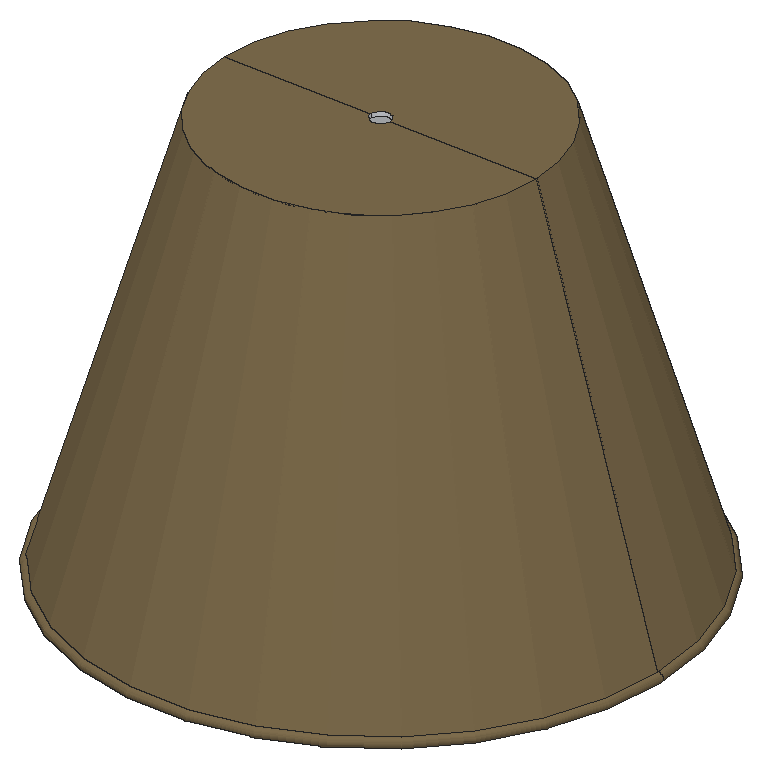
Revit family "PER SHADE", category Lighting Fixtures, Revit 2024
Family settings
  Round Connector Dimension = Use Diameter
  Part Type = Normal
  OmniClass Number = 23.80.70.00
  OmniClass Title = Lighting
  Work Plane-Based = No
  Always vertical = Yes
  Cut with Voids When Loaded = No
  Light Source = Yes
  Maintain Annotation Orientation = No
  Shared = No
  Room Calculation Point = No
Parameters
  Wattage = 12.1178 W
  built-in parameter 1150110 = 1 (stored number, unit not read)
  built-in parameter 1114217 = 1 (stored number, unit not read)
  built-in parameter 1150109 = 1 (stored number, unit not read)
  built-in parameter 1150134 = (empty or 0)
  built-in parameter 1150113 = 1 (stored number, unit not read)
  Lumens = 1800 lm
  built-in parameter 1150115 = 1 (stored number, unit not read)
  built-in parameter 1150105 = 572.96 (stored number, unit not read)
  Light Source Symbol Size = 2' - 0"
  built-in parameter 1150137 = (empty or 0)
  built-in parameter 1150139 = (empty or 0)
  built-in parameter 1150112 = 1 (stored number, unit not read)
  built-in parameter 1150114 = 1 (stored number, unit not read)
  built-in parameter 1150132 = 2
  built-in parameter 1150102 = (empty or 0)
  built-in parameter 1150138 = (empty or 0)
  built-in parameter 1150107 = 3000 (stored number, unit not read)
  built-in parameter 1150106 = 5.7296 (stored number, unit not read)
  built-in parameter 1150104 = 13.8 (stored number, unit not read)
  Dimming Lamp Color Temperature Shift = (empty or 0)
  Default Elevation = 0' - 0"
  Color Filter = 16777215
  built-in parameter 1114218 = 1 (stored number, unit not read)
  built-in parameter 1150133 = 10 (stored number, unit not read)
Reference planes (in)
  plane 1 "Light Source Axis (F/B)": y = 0
  plane 2: z = 0
  plane 3 "Light Source Axis (L/R)": x = 0
  plane 4 "Light Source Elevation": z = 84
Forms (in)
  Revolve 1, solid
    sketch origin (0, 0, 0) x (1, 0, 0) y (0, 0, 1)
      loop
        line (-0.25, 94.5) -> (-4, 94.5) -> (-7.125, 84.25)
        arc (-7.125, 84.25) -> (-7.24949, 84.11375) -> (-7.10259, 84.00202) r 0.125
        line (-7.10259, 84.00202) -> (-2.46379, 84.00202) -> (-2.46379, 84.25) -> (-7.02699, 84.25) -> (-3.93057, 94.40625) -> (-0.25, 94.40625) -> (-0.25, 94.5)
      axis (0, 84.00202) -> (0, 94.5)
    angle from 0 to 360
Dimensions and locks (in)
  aligned and locked: plane 3 "Light Source Axis (L/R)" to imposter light
  aligned and locked: plane 1 "Light Source Axis (F/B)" to imposter light
  aligned and locked: plane 4 "Light Source Elevation" to imposter light
  aligned and locked: level to plane 2
